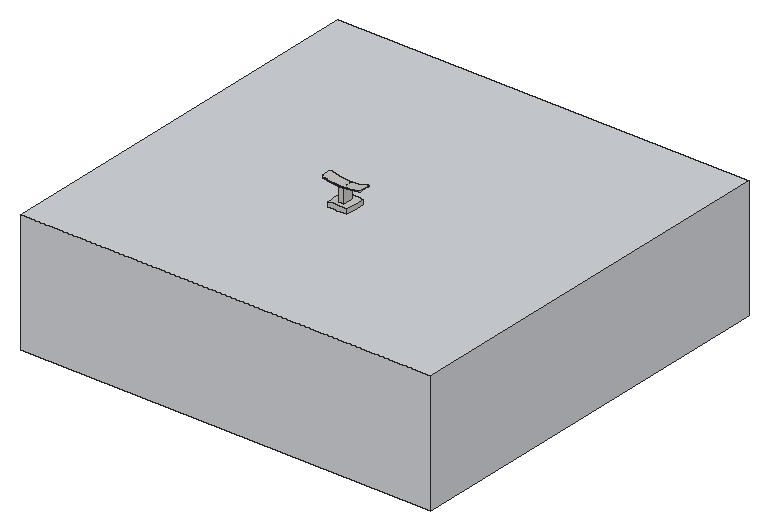
Revit family
Parameters (values of type "9125 BradEX")
  Width = 0"
  Warranty Information = "Refer to Washroom Accessories Warranty"
  Version = "1.0"
  URL = "http://www.bradleycorp.com/"
  Technical Data = "n/a"
  Percentage of Recycled Content = 0
  OmniClass Title = "Robe Hooks"
  OmniClass Code = "23-31 25 27"
  Modeling Code = "n/a"
  Model = "9125 BradEX"
  Material Note = "n/a"
  Material = ""
  MasterFormat Title = "Commercial Toilet Accessories"
  MasterFormat Number = "10 28 13.13"
  Manufacturer = "Bradley Corporation"
  Low Emitting Material = no
  Length = 0"
  LEED Credit = "n/a"
  Keynote = ""
  Installation Type = "Surface Mounted"
  Industry Standards = ""
  Height = Default Elevation  # 48"
  Fire Rating = ""
  Description = "Robe Hook - Double | Projects 2 1/4\""
  Default Elevation = 48"
  Copyright = "This Model Is Property Of Bradley Corporation"
  Complies to NAFTA = "n/a"
  Buy American Act = "To Be Determined"
  Assembly Code = "C1030200"
  Accessory Material = Metal - Bradley Corp - Stainless Steel-Polished
  ADA Compliant = "No"
Types (3): name | Model | Accessory Material
  (no name) | "9125 BradEX" | Metal - Bradley Corp - Stainless Steel-Polished
  9124 BradEX | "9124 BradEX" | Metal - Bradley Corp - Stainless Steel-Satin
  9125 BradEX | "9125 BradEX" | Metal - Bradley Corp - Stainless Steel-Polished
Reference planes (in)
  plane 1 "Center (Front/Back)": y = 0
  plane 2: z = 0
  plane 3 "Center (Left/Right)": x = 0
  plane 4 "T.O. Corner": z = 0.39844
  plane 5: z = 0.5
  plane 6 "F.O Projection": z = 2
  plane 7: y = 0.79297
  plane 8: y = -0.79297
  plane 9: x = -0.41797
  plane 10: x = 0.41797
  plane 11 "top": z = 2.1875
  plane 12 "Left-face": x = -1.9375
  plane 13 "right-face": x = 1.9375
  plane 14: y = 0.5
  plane 15: y = -0.5
  plane 16: y = 0.625
  plane 17: y = -0.625
  plane 18: z = 2.125
Forms (in)
  Extrusion 1, solid
    sketch origin (0, 0, 0) x (1, 0, 0) y (0, 1, 0)
      loop
        line (-18.75, 22.5) -> (-18.75, -16.82295) -> (21.97199, -16.82295) -> (21.97199, 22.5) -> (-18.75, 22.5)
    from 0 to -12
  Extrusion 2, solid, material "Metal - Bradley Corp - Stainless Steel-Polished" <- "Accessory Material", detail levels medium+fine
    sketch origin (0, 0, 0.39844) x (-1, 0, 0) y (0, -1, 0)
      loop
        line (0.25, 0.5) -> (-0.25, 0.5) -> (-0.25, -0.5) -> (0.25, -0.5) -> (0.25, 0.5)
    from 0 to 1.53156
  Extrusion 3, solid, material "Metal - Bradley Corp - Stainless Steel-Polished" <- "Accessory Material", detail levels medium+fine
    sketch origin (0, 0, 2.1875) x (0, -1, 0) y (1, 0, 0)
      loop
        arc (0.33431, -1.9375) -> (0.45886, -1.89016) -> (0.52051, -1.77204) r 0.1875
        arc (0.52051, -1.77204) -> (0.625, 0) -> (0.52051, 1.77204) r 15.07812
        arc (0.52051, 1.77204) -> (0.45886, 1.89016) -> (0.33431, 1.9375) r 0.1875
        line (0.33431, 1.9375) -> (-0.41314, 1.9375)
        arc (-0.41314, 1.9375) -> (-0.55311, 1.87475) -> (-0.5994, 1.72851) r 0.1875
        arc (-0.5994, 1.72851) -> (-0.5, 0) -> (-0.5994, -1.72851) r 15.07812
        arc (-0.5994, -1.72851) -> (-0.55311, -1.87475) -> (-0.41314, -1.9375) r 0.1875
        line (-0.41314, -1.9375) -> (0.33431, -1.9375)
    from 0 to -0.2575
  Extrusion 4, void
    sketch origin (0, 0, 0) x (1, 0, 0) y (0, 0, 1)
      loop
        arc (-1.9375, 2.1875) -> (0, 2) -> (1.9375, 2.1875) r 10.10417
        line (1.9375, 2.1875) -> (-1.9375, 2.1875)
    from 1 to -1
  Extrusion 5, void
    sketch origin (0, 0, 0) x (1, 0, 0) y (0, 0, 1)
      loop
        line (-1.9375, 2.11441) -> (-1.9375, 1.93) -> (-0.25, 1.93)
        arc (-0.25, 1.93) -> (-1.09763, 1.9867) -> (-1.9375, 2.11441) r 10.10417
    from 1 to -1
  Extrusion 6, void
    sketch origin (0, 0, 0) x (-1, 0, 0) y (0, 0, -1)
      loop
        arc (-1.9375, -2.11441) -> (-1.09763, -1.9867) -> (-0.25, -1.93) r 10.10417
        line (-0.25, -1.93) -> (-1.9375, -1.93) -> (-1.9375, -2.11441)
    from 1 to -1
Cuts and joins
  Extrusion 4, Extrusion 5, Extrusion 6 cuts Extrusion 3
  Extrusion 5, Extrusion 6 cuts Extrusion 2
Lines and regions (in)
  model lines, detail levels coarse
    curve 1: line (0, 0, 2) -> (0, 0, -0.00065)
    curve 2: arc (1.94349, 0, 2.15683) -> (0, 0, 1.96875) -> (-1.94349, 0, 2.15683) r 10.13542
Dimensions and locks (in)
  Extrusion 2 sketch curve to Extrusion 2 sketch curve = 1"
  equal spacing: Extrusion 2 sketch curve, nested 1, Extrusion 2 sketch curve  (x2)
  Extrusion 2 sketch curve to Extrusion 2 sketch curve = 1/2"
  plane 6 "F.O Projection" to level = 2"
  aligned and locked: plane 2 to Extrusion 1
  aligned and locked: level to Extrusion 1
  aligned and locked: plane 3 "Center (Left/Right)" to nested 1
  aligned and locked: plane 1 "Center (Front/Back)" to nested 1
Nested families (in)
  nested 1: "wall_cover_plate_attachment" at (0, 0, 0), type "wall_cover_plate_attachment"
Definition of nested family "wall_cover_plate_attachment"
  Parameters
    Accessory Material = none
  Reference planes (in)
    plane 1 "Center (Front/Back)": y = 0
    plane 2: z = 0
    plane 3 "Center (Left/Right)": x = 0
    plane 4: x = -1
    plane 5: x = 1
    plane 6: y = 1
    plane 7: y = -1
  Forms (in)
    Extrusion 1, solid, material <- "Accessory Material", detail levels medium+fine
      sketch origin (-8.75, 0, 0) x (-1, 0, 0) y (0, -1, 0)
        loop
          arc (-7.80078, -0.94922) -> (-7.75, 0) -> (-7.80078, 0.94922) r 8.89694
          arc (-7.80078, 0.94922) -> (-8.75, 1) -> (-9.69922, 0.94922) r 8.89694
          arc (-9.69922, 0.94922) -> (-9.75, 0) -> (-9.69922, -0.94922) r 8.89694
          arc (-9.69922, -0.94922) -> (-8.75, -1) -> (-7.80078, -0.94922) r 8.89694
      from 0 to 0.5
    Extrusion 2, void
      sketch origin (-8.75, 0, 0) x (1, 0, 0) y (0, 0, 1)
        loop
          arc (7.75, 0.39844) -> (8.75, 0.5) -> (9.75, 0.39844) r 4.97386
          line (9.75, 0.39844) -> (9.75, 0.53125) -> (8.85864, 0.53125) -> (7.75, 0.53125) -> (7.75, 0.39844)
      from -1.10156 to 1.10156
  Cuts and joins
    Extrusion 2 cuts Extrusion 1
  Lines and regions (in)
    symbolic lines, detail levels coarse
      curve 1: line (-0.94922, 1, 4.875) -> (0.94922, 1, 4.875)
      curve 2: line (-0.94922, -1, 4.875) -> (-0.94922, 1, 4.875)
      curve 3: line (0.94922, -1, 4.875) -> (-0.94922, -1, 4.875)
      curve 4: line (0.94922, 1, 4.875) -> (0.94922, -1, 4.875)
    model lines, detail levels coarse
      curve 5: spline (0.94922, -0.94922, 0) -> (0.95732, -0.87039, 0) -> (0.96472, -0.79149, 0) -> (0.97142, -0.71253, 0) -> (0.97742, -0.63351, 0) -> (0.98271, -0.55443, 0) -> (0.98729, -0.47531, 0) -> (0.99118, -0.39616, 0) -> (0.99435, -0.31696, 0) -> (0.99682, -0.23775, 0) -> (0.99859, -0.15851, 0) -> (0.99965, -0.07926, 0) -> (1, 0, 0)
      curve 6: spline (1, 0, 0) -> (0.99965, 0.07926, 0) -> (0.99859, 0.15851, 0) -> (0.99682, 0.23775, 0) -> (0.99435, 0.31696, 0) -> (0.99117, 0.39616, 0) -> (0.98729, 0.47531, 0) -> (0.98271, 0.55443, 0) -> (0.97742, 0.63351, 0) -> (0.97142, 0.71253, 0) -> (0.96472, 0.79149, 0) -> (0.95732, 0.87039, 0) -> (0.94922, 0.94922, 0)
      curve 7: spline (0.94922, 0.94922, 0) -> (0.83831, 0.96051, 0) -> (0.72684, 0.97039, 0) -> (0.61487, 0.97886, 0) -> (0.5025, 0.98591, 0) -> (0.38979, 0.99154, 0) -> (0.27681, 0.99574, 0) -> (0.16365, 0.99852, 0) -> (0.05037, 0.99986, 0) -> (-0.06293, 0.99977, 0) -> (-0.1762, 0.99826, 0) -> (-0.28935, 0.99531, 0) -> (-0.40231, 0.99093, 0)
      curve 8: spline (-0.4023, 0.99077, 0) -> (-0.44825, 0.98858, 0) -> (-0.49414, 0.98616, 0) -> (-0.53998, 0.98351, 0) -> (-0.58576, 0.98062, 0) -> (-0.63148, 0.9775, 0) -> (-0.67712, 0.97415, 0) -> (-0.72269, 0.97057, 0) -> (-0.76818, 0.96676, 0) -> (-0.81358, 0.96272, 0) -> (-0.85889, 0.95845, 0) -> (-0.9041, 0.95395, 0) -> (-0.94922, 0.94922, 0)
      curve 9: spline (-0.94922, 0.94922, 0) -> (-0.95732, 0.87039, 0) -> (-0.96472, 0.79149, 0) -> (-0.97142, 0.71253, 0) -> (-0.97742, 0.63351, 0) -> (-0.98271, 0.55443, 0) -> (-0.98729, 0.47531, 0) -> (-0.99118, 0.39616, 0) -> (-0.99435, 0.31696, 0) -> (-0.99682, 0.23775, 0) -> (-0.99859, 0.15851, 0) -> (-0.99965, 0.07926, 0) -> (-1, 0, 0)
      curve 10: spline (-1, 0, 0) -> (-0.99965, -0.07926, 0) -> (-0.99859, -0.15851, 0) -> (-0.99682, -0.23775, 0) -> (-0.99435, -0.31696, 0) -> (-0.99117, -0.39616, 0) -> (-0.98729, -0.47531, 0) -> (-0.98271, -0.55443, 0) -> (-0.97742, -0.63351, 0) -> (-0.97142, -0.71253, 0) -> (-0.96472, -0.79149, 0) -> (-0.95732, -0.87039, 0) -> (-0.94922, -0.94922, 0)
      curve 11: spline (-0.94922, -0.94922, 0) -> (-0.83831, -0.96051, 0) -> (-0.72684, -0.97039, 0) -> (-0.61487, -0.97886, 0) -> (-0.5025, -0.98591, 0) -> (-0.38979, -0.99154, 0) -> (-0.27681, -0.99574, 0) -> (-0.16365, -0.99852, 0) -> (-0.05037, -0.99986, 0) -> (0.06293, -0.99977, 0) -> (0.1762, -0.99826, 0) -> (0.28935, -0.99531, 0) -> (0.40231, -0.99093, 0)
      curve 12: spline (0.4023, -0.99077, 0) -> (0.44825, -0.98858, 0) -> (0.49414, -0.98616, 0) -> (0.53998, -0.98351, 0) -> (0.58576, -0.98062, 0) -> (0.63148, -0.9775, 0) -> (0.67712, -0.97415, 0) -> (0.72269, -0.97057, 0) -> (0.76818, -0.96676, 0) -> (0.81358, -0.96272, 0) -> (0.85889, -0.95845, 0) -> (0.9041, -0.95395, 0) -> (0.94922, -0.94922, 0)
